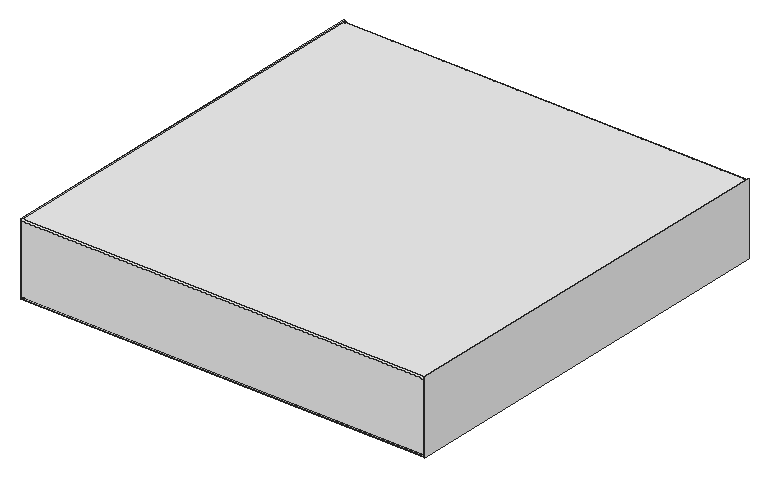
Revit family "SLSF2X2", category Lighting Fixtures, host Ceiling, Revit 2023
Family settings
  Host = Ceiling
  Round Connector Dimension = Use Diameter
  Part Type = Normal
  OmniClass Number = 23.80.70.11.14.17
  OmniClass Title = Direct/Indirect
  Always vertical = Yes
  Cut with Voids When Loaded = No
  Light Source = Yes
  Maintain Annotation Orientation = No
  Shared = No
  Room Calculation Point = No
Parameters (values of type "SLSF2X2-LED840K050LUNV")
  Width = 1' - 10 1/2"
  Wattage = 39.8258 W
  built-in parameter 1150110 = 1 (stored number, unit not read)
  Voltage = 120 V
  URL = "https://viscor.com/products/slsF"
  built-in parameter 1114217 = 0.9 (stored number, unit not read)
  Tilt Angle = 90.00°
  built-in parameter 1150109 = 1 (stored number, unit not read)
  built-in parameter 1150134 = 12
  built-in parameter 1150113 = 1 (stored number, unit not read)
  Photometric Web File = "SLSF2X2-LED840K050LUNV.ies"
  Model = "SLSF2X2"  # constant formula
  Manufacturer = "VISIONEERING by VISCOR"  # constant formula
  Lumens = 5030 lm
  built-in parameter 1150115 = 1 (stored number, unit not read)
  built-in parameter 1150105 = 400.27 (stored number, unit not read)
  built-in parameter 1150137 = (empty or 0)
  built-in parameter 1150139 = (empty or 0)
  Lens Finish = Acrylic - Viscor - Opal White Square
  Lens Depth = 0' - 4 11/32"
  Length = 1' - 10 1/2"
  Lamp Wattage = 39.8 VA
  built-in parameter 1150112 = 1 (stored number, unit not read)
  built-in parameter 1150114 = 1 (stored number, unit not read)
  Lamp = "LED"  # constant formula
  built-in parameter 1150132 = (empty or 0)
  built-in parameter 1150102 = (empty or 0)
  built-in parameter 1150138 = (empty or 0)
  built-in parameter 1150107 = 4000 (stored number, unit not read)
  built-in parameter 1150106 = 4.0027 (stored number, unit not read)
  Housing Finish = Metal - Viscor - White
  Emit from Rectangle Width = Width  # 1' - 10 1/2"
  Emit from Rectangle Length = Length  # 1' - 10 1/2"
  Emit from Rectangle Height = Lens Depth  # 0' - 4 11/32"
  Emit Shape Visible in Rendering = no
  built-in parameter 1150104 = 11.734 (stored number, unit not read)
  Dimming Lamp Color Temperature Shift = <None>
  Description = "Architectural Suspended Luminaire  with Flat lens"  # constant formula
  Default Elevation = 0' - 0"
  Color Filter = 16777215
  built-in parameter 1114218 = 1 (stored number, unit not read)
  built-in parameter 1150133 = 10 (stored number, unit not read)
  Assembly Code = "D5020200"
  Apparent Load = Lamp Wattage  # 39.8 VA
Types (5): name | Wattage | Photometric Web File | Lumens | built-in parameter 1150105 | Lens Depth | Lamp Wattage | built-in parameter 1150106 | Emit from Rectangle Height | built-in parameter 1150104 | Apparent Load
  (no name) | 39.8258 W | "SLSF2X2-LED840K050LUNV.ies" | 5030 lm | 400.27 (stored number, unit not read) | 0' - 4 11/32" | 39.8 VA | 4.0027 (stored number, unit not read) | 0' - 4 11/32" | 11.734 (stored number, unit not read) | 39.8 VA
  SLSF2X2-LED840K024LUNV | 18.2105 W | "SLSF2X2-LED840K024LUNV.ies" | 2422 lm | 192.74 (stored number, unit not read) | 0' - 4 3/32" | 18.2 VA | 1.9274 (stored number, unit not read) | 0' - 4 3/32" | 12.356 (stored number, unit not read) | 18.2 VA
  SLSF2X2-LED840K034LUNV | 26.3077 W | "SLSF2X2-LED840K034LUNV.ies" | 3420 lm | 272.15 (stored number, unit not read) | 0' - 4 3/32" | 26.3 VA | 2.7215 (stored number, unit not read) | 0' - 4 3/32" | 12.077 (stored number, unit not read) | 26.3 VA
  SLSF2X2-LED840K040LUNV | 31.5062 W | "SLSF2X2-LED840K040LUNV.ies" | 4058 lm | 322.93 (stored number, unit not read) | 0' - 4 3/32" | 31.5 VA | 3.2293 (stored number, unit not read) | 0' - 4 3/32" | 11.966 (stored number, unit not read) | 31.5 VA
  SLSF2X2-LED840K050LUNV | 39.8258 W | "SLSF2X2-LED840K050LUNV.ies" | 5030 lm | 400.27 (stored number, unit not read) | 0' - 4 11/32" | 39.8 VA | 4.0027 (stored number, unit not read) | 0' - 4 11/32" | 11.734 (stored number, unit not read) | 39.8 VA
Reference planes (in)
  plane 1 "Light Source Axis (F/B)": y = 0
  plane 2 "Ceiling": z = 96
  plane 3 "Light Source Axis (L/R)": x = 0
  plane 4 "Light Source Elevation": z = 91.65625
  plane 5: y = 11.25
  plane 6: y = -11.25
  plane 7: x = -11.25
  plane 8: x = 11.25
  plane 9 "Lens Depth": z = 91.65625
  plane 10: x = -11.219
  plane 11: x = 11.219
Forms (in)
  Extrusion 1, solid, material "Metal - Viscor - White" <- "Housing Finish"
    sketch origin (0, 0, 0) x (0, 1, 0) y (0, 0, 1)
      loop
        arc (11.24904, 95.806) -> (11.22883, 95.85479) -> (11.18004, 95.875) r 0.069
        line (11.18004, 95.875) -> (-11.18196, 95.875)
        arc (-11.18196, 95.875) -> (-11.23075, 95.85479) -> (-11.25096, 95.806) r 0.069
        line (-11.25096, 95.806) -> (-11.25096, 91.907) -> (-11.21971, 91.907) -> (-11.21971, 95.806)
        arc (-11.21971, 95.806) -> (-11.20865, 95.83269) -> (-11.18196, 95.84375) r 0.03775
        line (-11.18196, 95.84375) -> (11.18004, 95.84375)
        arc (11.18004, 95.84375) -> (11.20674, 95.83269) -> (11.21779, 95.806) r 0.03775
        line (11.21779, 95.806) -> (11.21779, 91.907) -> (11.24904, 91.907) -> (11.24904, 95.806)
    from -11.219 to 11.219
  Extrusion 2, solid, material "Metal - Viscor - White" <- "Housing Finish"
    sketch origin (0, 0, 0) x (0, 1, 0) y (0, 0, 1)
      loop
        line (11.24904, 95.907) -> (-11.25096, 95.907) -> (-11.25096, 91.907) -> (11.24904, 91.907) -> (11.24904, 95.907)
    from 11.219 to 11.25
  Extrusion 3, solid, material "Metal - Viscor - White" <- "Housing Finish"
    sketch origin (0, 0, 0) x (0, 1, 0) y (0, 0, -1)
      loop
        line (11.24904, -95.907) -> (11.24904, -91.907) -> (-11.25096, -91.907) -> (-11.25096, -95.907) -> (11.24904, -95.907)
    from 11.219 to 11.25
  Extrusion 4, solid, material "Acrylic - Viscor - Opal White Square" <- "Lens Finish"
    sketch origin (0, 0, 0) x (0, 1, 0) y (0, 0, 1)
      loop
        line (11.20154, 91.987) -> (11.20154, 92.908) -> (-11.20346, 92.908) -> (-11.20346, 91.987)
        arc (-11.20346, 91.987) -> (-11.18032, 91.93114) -> (-11.12446, 91.908) r 0.079
        line (-11.12446, 91.908) -> (11.12254, 91.908)
        arc (11.12254, 91.908) -> (11.1784, 91.93114) -> (11.20154, 91.987) r 0.079
    from -11.219 to 11.219
Dimensions and locks (in)
  equal spacing: host sketch curve, plane 3 "Light Source Axis (L/R)", host sketch curve
  equal spacing: host sketch curve, plane 1 "Light Source Axis (F/B)", host sketch curve
  host sketch curve to host sketch curve = 10' - 0"  (x2)
  equal spacing: plane 7, plane 3 "Light Source Axis (L/R)", plane 8
  "Length": plane 7 to plane 8
  equal spacing: plane 5, plane 1 "Light Source Axis (F/B)", plane 6
  "Width": plane 5 to plane 6
  "Emit from Rectangle Height": plane 4 "Light Source Elevation" to plane 2 "Ceiling"
  "Lens Depth": plane 2 "Ceiling" to plane 9 "Lens Depth"
  plane 7 to plane 10 to plane 3 "Light Source Axis (L/R)" = 0' - 0.031" locked, 0' - 11.219"
  locked: plane 11 to plane 8 at 0.031
  aligned and locked: plane 3 "Light Source Axis (L/R)" to imposter light
  aligned and locked: plane 1 "Light Source Axis (F/B)" to imposter light
  aligned and locked: plane 4 "Light Source Elevation" to imposter light
  aligned and locked: Extrusion 1 to plane 10
  aligned and locked: plane 11 to Extrusion 1
  aligned and locked: plane 8 to Extrusion 2
  aligned and locked: Extrusion 3 to plane 7
  aligned and locked: Extrusion 3 to plane 10
  aligned and locked: Extrusion 4 to plane 10
  aligned and locked: Extrusion 4 to plane 11
Automatic sketch dimensions
  Extrusion 1 sketch curve to Extrusion 1 sketch curve = 0' - 0"  (x4)
  Extrusion 1 sketch curve to plane 6 = 0' - 0.00096"
  plane 6 to Extrusion 1 sketch curve = 0' - 0.03029"
  Extrusion 1 sketch curve to Extrusion 1 sketch curve = 0' - 0.03775"
  Extrusion 1 sketch curve to plane 5 = 0' - 0.06996"
  Extrusion 1 sketch curve to plane 5 = 0' - 0.03221"
  Extrusion 1 sketch curve to plane 4 "Light Source Elevation" = 0' - 0.25075"  (x2)
  Extrusion 1 sketch curve to plane 2 "Ceiling" = 0' - 0.194"
  Extrusion 2 sketch curve to plane 6 = 0' - 0.00096"
  Extrusion 2 sketch curve to plane 5 = 0' - 0.00096"
  Extrusion 2 sketch curve to plane 4 "Light Source Elevation" = 0' - 0.25075"
  Extrusion 2 sketch curve to plane 2 "Ceiling" = 0' - 0.093"
  Extrusion 3 sketch curve to plane 6 = 0' - 0.00096"
  Extrusion 3 sketch curve to plane 5 = 0' - 0.00096"
  Extrusion 3 sketch curve to plane 2 "Ceiling" = 0' - 0.093"
  Extrusion 3 sketch curve to plane 4 "Light Source Elevation" = 0' - 0.25075"
  Extrusion 4 sketch curve to plane 5 = 0' - 0.12746"
  Extrusion 4 sketch curve to plane 5 = 0' - 0.04846"
  Extrusion 4 sketch curve to plane 4 "Light Source Elevation" = 0' - 0.33075"
  Extrusion 4 sketch curve to Extrusion 4 sketch curve = 0' - 0.921"
  plane 6 to Extrusion 4 sketch curve = 0' - 0.04654"
  Extrusion 4 sketch curve to Extrusion 4 sketch curve = 0' - 0.079"
Connectors (in)
  electrical at (0, 0, 91.65625), driven by "Voltage", driven by "Apparent Load"
    settings: index 1, voltage 120 V, apparent load 0 VA, apparent load phase1 39.8 VA, apparent load phase2 0 VA, apparent load phase3 0 VA, power factor 1, load classification "Other", number of poles 1, system type 31, power factor state 1, is connector primary yes, connector utility no, sub classification motor no, connector description ""
